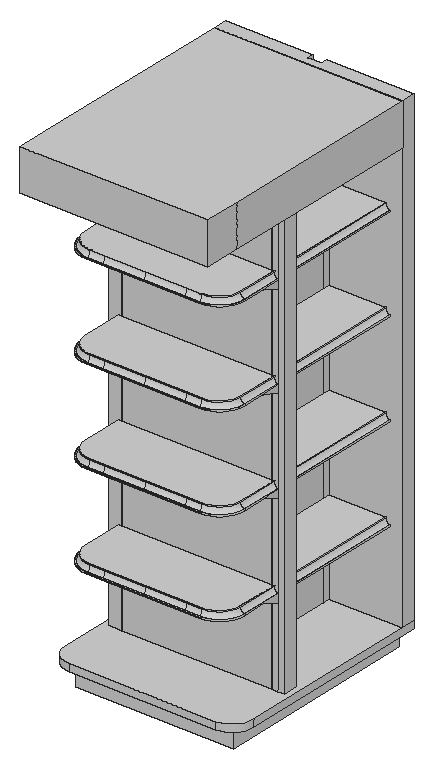
Revit family "ML20", category Specialty Equipment, Revit 2012
Parameters (values of type "Tubular 3-Way Display (Default)")
  Width = 3' - 0"
  URL = "http://www.madixinc.com/display/maxiline.html"
  Side Width = 2' - 0"
  Model = "3 Way Display"
  Manufacturer = "© 2012 Madix, Inc. All rights reserved."
  Canopy [instance] = yes
  "Front" Shelf 2' [instance] = yes
  "Front" Shelf 3' - 6" [instance] = yes
  "Front" Shelf 5' [instance] = yes
  "Front" Shelf 6' - 6" [instance] = yes
  "Front" Shelf Depth = 1' - 0"
  Height = 8' - 0"
Reference planes (in)
  plane 1 "Center (Front/Back)": y = 0
  plane 2: z = 0
  plane 3 "Center (Left/Right)": x = 0
  plane 4: y = 1.375
  plane 5: y = -1.375
  plane 6: z = 96
  plane 7: z = 0
  plane 8 "1st shelf": z = 23.5
  plane 9 "2nd shelf": z = 41.5
  plane 10 "3rd shelf": z = 59.5
  plane 11 "4th shelf": z = 77.5
  plane 12: y = -14.25
  plane 13: x = -15.5
  plane 14: x = 15.5
  plane 15: z = 41.5
  plane 16: y = 13.375
  plane 17: x = 12.75
  plane 18: x = -12.75
  plane 19: y = -11.375
  plane 20: y = -14.125
  plane 21: y = -13.375
  plane 22: z = 5.5
  plane 23: x = 3.875
  plane 24: x = -3.875
  plane 25: y = 25.375
  plane 26: y = 2.625
  plane 27: z = 4.125
  plane 28: y = 28.125
  plane 29: x = -18
  plane 30: x = 18
  plane 31: z = 88
  plane 32: z = 95
  plane 33: x = -15.125
  plane 34: x = 15.125
Forms (in)
  Extrusion 1, solid, material "Metal - Steel"
    sketch origin (-24, 1.375, 77.5) x (1, 0, 0) y (0, 1, 0)
      loop
        line (8.375, 0) -> (7.125, 0) -> (7.125, -2.75) -> (9.625, -2.75) -> (9.625, 0) -> (8.375, 0)
      loop
        line (9.65625, 0) -> (9.65625, -2.75) -> (38.34375, -2.75) -> (38.34375, 0) -> (25.375, 0) -> (24, 0) -> (22.625, 0) -> (9.65625, 0)
      loop
        line (39.625, -2.75) -> (40.875, -2.75) -> (40.875, 0) -> (38.375, 0) -> (38.375, -2.75) -> (39.625, -2.75)
    from -72 to 17.5
  Extrusion 2, solid, material "Metal - Steel", visible <- ""Front" Shelf 2'"
    sketch origin (-24, 1.375, 95.5) x (1, 0, 0) y (0, 1, 0)
      loop
        line (11.25, -2.75) -> (11.25, -10.75)
        arc (11.25, -10.75) -> (11.83579, -12.16421) -> (13.25, -12.75) r 2
        line (13.25, -12.75) -> (16.125, -12.75) -> (24, -12.75) -> (31.875, -12.75) -> (34.75, -12.75)
        arc (34.75, -12.75) -> (36.16421, -12.16421) -> (36.75, -10.75) r 2
        line (36.75, -10.75) -> (36.75, -2.75) -> (11.25, -2.75)
    from -73.375 to -72
  Sweep 3, solid, material "Metal - Steel", visible <- ""Front" Shelf 2'"
    path in 3D
      loop
        line (-12.75, -1.375, 23.5) -> (-12.75, -9.375, 23.5)
        arc (-12.75, -9.375, 23.5) -> (-12.16421, -10.78921, 23.5) -> (-10.75, -11.375, 23.5) r 2
        line (-10.75, -11.375, 23.5) -> (-7.875, -11.375, 23.5) -> (0, -11.375, 23.5) -> (7.875, -11.375, 23.5) -> (10.75, -11.375, 23.5)
        arc (10.75, -11.375, 23.5) -> (12.16421, -10.78921, 23.5) -> (12.75, -9.375, 23.5) r 2
        line (12.75, -9.375, 23.5) -> (12.75, -1.375, 23.5)
    profile origin (-12.75, -5.375, 23.5) x (1, 0, 0) y (0, 0, 1)
      loop
        line (0, 0) -> (-2, 0) -> (-2.125, 0) -> (-2.125, -0.125) -> (-2, -0.125)
        arc (-2, -0.125) -> (-2.26196, -0.76286) -> (-2.75, -1.25) r 1.75
        line (-2.75, -1.25) -> (-2.75, -1.125) -> (-2.875, -1.125) -> (-2.875, -1.375) -> (0, -1.375) -> (0, 0)
  Extrusion 4, solid, material "Metal - Steel", visible <- ""Front" Shelf 2'"
    sketch origin (0, 0, 0) x (0, 1, 0) y (0, 0, 1)
      loop
        line (-1.375, 20.75) -> (-1.375, 22.125) -> (-4.96324, 22.125) -> (-1.375, 20.75)
    from -15.5 to -15.625
  Extrusion 5, solid, material "Metal - Steel", visible <- ""Front" Shelf 2'"
    sketch origin (0, 0, 0) x (0, 1, 0) y (0, 0, -1)
      loop
        line (-1.375, -20.75) -> (-4.96324, -22.125) -> (-1.375, -22.125) -> (-1.375, -20.75)
    from -15.5 to -15.625
  Extrusion 6, solid, material "Metal - Steel", visible <- ""Front" Shelf 3' - 6""
    sketch origin (-24, 1.375, 113.5) x (1, 0, 0) y (0, 1, 0)
      loop
        line (11.25, -2.75) -> (11.25, -10.75)
        arc (11.25, -10.75) -> (11.83579, -12.16421) -> (13.25, -12.75) r 2
        line (13.25, -12.75) -> (16.125, -12.75) -> (24, -12.75) -> (31.875, -12.75) -> (34.75, -12.75)
        arc (34.75, -12.75) -> (36.16421, -12.16421) -> (36.75, -10.75) r 2
        line (36.75, -10.75) -> (36.75, -2.75) -> (11.25, -2.75)
    from -73.375 to -72
  Sweep 7, solid, material "Metal - Steel", visible <- ""Front" Shelf 3' - 6""
    path in 3D
      loop
        line (-12.75, -1.375, 41.5) -> (-12.75, -9.375, 41.5)
        arc (-12.75, -9.375, 41.5) -> (-12.16421, -10.78921, 41.5) -> (-10.75, -11.375, 41.5) r 2
        line (-10.75, -11.375, 41.5) -> (-7.875, -11.375, 41.5) -> (0, -11.375, 41.5) -> (7.875, -11.375, 41.5) -> (10.75, -11.375, 41.5)
        arc (10.75, -11.375, 41.5) -> (12.16421, -10.78921, 41.5) -> (12.75, -9.375, 41.5) r 2
        line (12.75, -9.375, 41.5) -> (12.75, -1.375, 41.5)
    profile origin (-12.75, -5.375, 41.5) x (1, 0, 0) y (0, 0, 1)
      loop
        line (0, 0) -> (-2, 0) -> (-2.125, 0) -> (-2.125, -0.125) -> (-2, -0.125)
        arc (-2, -0.125) -> (-2.26196, -0.76286) -> (-2.75, -1.25) r 1.75
        line (-2.75, -1.25) -> (-2.75, -1.125) -> (-2.875, -1.125) -> (-2.875, -1.375) -> (0, -1.375) -> (0, 0)
  Extrusion 8, solid, material "Metal - Steel", visible <- ""Front" Shelf 3' - 6""
    sketch origin (0, 0, 18) x (0, 1, 0) y (0, 0, 1)
      loop
        line (-1.375, 20.75) -> (-1.375, 22.125) -> (-4.96324, 22.125) -> (-1.375, 20.75)
    from -15.5 to -15.625
  Extrusion 9, solid, material "Metal - Steel", visible <- ""Front" Shelf 3' - 6""
    sketch origin (0, 0, 18) x (0, 1, 0) y (0, 0, -1)
      loop
        line (-1.375, -20.75) -> (-4.96324, -22.125) -> (-1.375, -22.125) -> (-1.375, -20.75)
    from -15.5 to -15.625
  Extrusion 10, solid, material "Metal - Steel", visible <- ""Front" Shelf 5'"
    sketch origin (-24, 1.375, 131.5) x (1, 0, 0) y (0, 1, 0)
      loop
        line (11.25, -2.75) -> (11.25, -10.75)
        arc (11.25, -10.75) -> (11.83579, -12.16421) -> (13.25, -12.75) r 2
        line (13.25, -12.75) -> (16.125, -12.75) -> (24, -12.75) -> (31.875, -12.75) -> (34.75, -12.75)
        arc (34.75, -12.75) -> (36.16421, -12.16421) -> (36.75, -10.75) r 2
        line (36.75, -10.75) -> (36.75, -2.75) -> (11.25, -2.75)
    from -73.375 to -72
  Sweep 11, solid, material "Metal - Steel", visible <- ""Front" Shelf 5'"
    path in 3D
      loop
        line (-12.75, -1.375, 59.5) -> (-12.75, -9.375, 59.5)
        arc (-12.75, -9.375, 59.5) -> (-12.16421, -10.78921, 59.5) -> (-10.75, -11.375, 59.5) r 2
        line (-10.75, -11.375, 59.5) -> (-7.875, -11.375, 59.5) -> (0, -11.375, 59.5) -> (7.875, -11.375, 59.5) -> (10.75, -11.375, 59.5)
        arc (10.75, -11.375, 59.5) -> (12.16421, -10.78921, 59.5) -> (12.75, -9.375, 59.5) r 2
        line (12.75, -9.375, 59.5) -> (12.75, -1.375, 59.5)
    profile origin (-12.75, -5.375, 59.5) x (1, 0, 0) y (0, 0, 1)
      loop
        line (0, 0) -> (-2, 0) -> (-2.125, 0) -> (-2.125, -0.125) -> (-2, -0.125)
        arc (-2, -0.125) -> (-2.26196, -0.76286) -> (-2.75, -1.25) r 1.75
        line (-2.75, -1.25) -> (-2.75, -1.125) -> (-2.875, -1.125) -> (-2.875, -1.375) -> (0, -1.375) -> (0, 0)
  Extrusion 12, solid, material "Metal - Steel", visible <- ""Front" Shelf 5'"
    sketch origin (0, 0, 36) x (0, 1, 0) y (0, 0, 1)
      loop
        line (-1.375, 20.75) -> (-1.375, 22.125) -> (-4.96324, 22.125) -> (-1.375, 20.75)
    from -15.5 to -15.625
  Extrusion 13, solid, material "Metal - Steel", visible <- ""Front" Shelf 5'"
    sketch origin (0, 0, 36) x (0, 1, 0) y (0, 0, -1)
      loop
        line (-1.375, -20.75) -> (-4.96324, -22.125) -> (-1.375, -22.125) -> (-1.375, -20.75)
    from -15.5 to -15.625
  Extrusion 14, solid, material "Metal - Steel", visible <- ""Front" Shelf 6' - 6""
    sketch origin (-24, 1.375, 149.5) x (1, 0, 0) y (0, 1, 0)
      loop
        line (11.25, -2.75) -> (11.25, -10.75)
        arc (11.25, -10.75) -> (11.83579, -12.16421) -> (13.25, -12.75) r 2
        line (13.25, -12.75) -> (16.125, -12.75) -> (24, -12.75) -> (31.875, -12.75) -> (34.75, -12.75)
        arc (34.75, -12.75) -> (36.16421, -12.16421) -> (36.75, -10.75) r 2
        line (36.75, -10.75) -> (36.75, -2.75) -> (11.25, -2.75)
    from -73.375 to -72
  Sweep 15, solid, material "Metal - Steel", visible <- ""Front" Shelf 6' - 6""
    path in 3D
      loop
        line (-12.75, -1.375, 77.5) -> (-12.75, -9.375, 77.5)
        arc (-12.75, -9.375, 77.5) -> (-12.16421, -10.78921, 77.5) -> (-10.75, -11.375, 77.5) r 2
        line (-10.75, -11.375, 77.5) -> (-7.875, -11.375, 77.5) -> (0, -11.375, 77.5) -> (7.875, -11.375, 77.5) -> (10.75, -11.375, 77.5)
        arc (10.75, -11.375, 77.5) -> (12.16421, -10.78921, 77.5) -> (12.75, -9.375, 77.5) r 2
        line (12.75, -9.375, 77.5) -> (12.75, -1.375, 77.5)
    profile origin (-12.75, -5.375, 77.5) x (1, 0, 0) y (0, 0, 1)
      loop
        line (0, 0) -> (-2, 0) -> (-2.125, 0) -> (-2.125, -0.125) -> (-2, -0.125)
        arc (-2, -0.125) -> (-2.26196, -0.76286) -> (-2.75, -1.25) r 1.75
        line (-2.75, -1.25) -> (-2.75, -1.125) -> (-2.875, -1.125) -> (-2.875, -1.375) -> (0, -1.375) -> (0, 0)
  Extrusion 16, solid, material "Metal - Steel", visible <- ""Front" Shelf 6' - 6""
    sketch origin (0, 0, 54) x (0, 1, 0) y (0, 0, 1)
      loop
        line (-1.375, 20.75) -> (-1.375, 22.125) -> (-4.96324, 22.125) -> (-1.375, 20.75)
    from -15.5 to -15.625
  Extrusion 17, solid, material "Metal - Steel", visible <- ""Front" Shelf 6' - 6""
    sketch origin (0, 0, 54) x (0, 1, 0) y (0, 0, -1)
      loop
        line (-1.375, -20.75) -> (-4.96324, -22.125) -> (-1.375, -22.125) -> (-1.375, -20.75)
    from -15.5 to -15.625
  Extrusion 18, solid, material "Metal - Steel"
    sketch origin (-24, 28.125, 77.5) x (1, 0, 0) y (0, 1, 0)
      loop
        line (22.625, 0) -> (6, 0) -> (6, -2.75) -> (42, -2.75) -> (42, 0) -> (25.375, 0) -> (25.375, -1.25) -> (22.625, -1.25) -> (22.625, 0)
    from -72 to 18.5
  Extrusion 19, solid, material "Metal - Steel", visible <- ""Front" Shelf 3' - 6""
    sketch origin (-8, 14.25, 48) x (1, 0, 0) y (0, 0, 1)
      loop
        line (4.125, -6.5) -> (-6.875, -6.5) -> (-6.875, -6.625) -> (-6.75, -6.625)
        arc (-6.75, -6.625) -> (-7.01196, -7.26286) -> (-7.5, -7.75) r 1.75
        line (-7.5, -7.75) -> (-7.5, -7.625) -> (-7.625, -7.625) -> (-7.625, -7.875) -> (4.125, -7.875) -> (4.125, -6.5)
    from -11.125 to 12.875
  Extrusion 20, solid, material "Metal - Steel", visible <- ""Front" Shelf 2'"
    sketch origin (-8, 14.25, 30) x (1, 0, 0) y (0, 0, 1)
      loop
        line (4.125, -6.5) -> (-6.875, -6.5) -> (-6.875, -6.625) -> (-6.75, -6.625)
        arc (-6.75, -6.625) -> (-7.01196, -7.26286) -> (-7.5, -7.75) r 1.75
        line (-7.5, -7.75) -> (-7.5, -7.625) -> (-7.625, -7.625) -> (-7.625, -7.875) -> (4.125, -7.875) -> (4.125, -6.5)
    from -11.125 to 12.875
  Extrusion 21, solid, material "Metal - Steel", visible <- ""Front" Shelf 5'"
    sketch origin (-8, 14.25, 66) x (1, 0, 0) y (0, 0, 1)
      loop
        line (4.125, -6.5) -> (-6.875, -6.5) -> (-6.875, -6.625) -> (-6.75, -6.625)
        arc (-6.75, -6.625) -> (-7.01196, -7.26286) -> (-7.5, -7.75) r 1.75
        line (-7.5, -7.75) -> (-7.5, -7.625) -> (-7.625, -7.625) -> (-7.625, -7.875) -> (4.125, -7.875) -> (4.125, -6.5)
    from -11.125 to 12.875
  Extrusion 22, solid, material "Metal - Steel", visible <- ""Front" Shelf 6' - 6""
    sketch origin (-8, 14.25, 84) x (1, 0, 0) y (0, 0, 1)
      loop
        line (4.125, -6.5) -> (-6.875, -6.5) -> (-6.875, -6.625) -> (-6.75, -6.625)
        arc (-6.75, -6.625) -> (-7.01196, -7.26286) -> (-7.5, -7.75) r 1.75
        line (-7.5, -7.75) -> (-7.5, -7.625) -> (-7.625, -7.625) -> (-7.625, -7.875) -> (4.125, -7.875) -> (4.125, -6.5)
    from -11.125 to 12.875
  Extrusion 23, solid, material "Metal - Steel", visible <- ""Front" Shelf 3' - 6""
    sketch origin (8, 14.25, 48) x (-1, 0, 0) y (0, 0, -1)
      loop
        line (4.125, 6.5) -> (4.125, 7.875) -> (-7.625, 7.875) -> (-7.625, 7.625) -> (-7.5, 7.625) -> (-7.5, 7.75)
        arc (-7.5, 7.75) -> (-7.01196, 7.26286) -> (-6.75, 6.625) r 1.75
        line (-6.75, 6.625) -> (-6.875, 6.625) -> (-6.875, 6.5) -> (4.125, 6.5)
    from -11.125 to 12.875
  Extrusion 24, solid, material "Metal - Steel", visible <- ""Front" Shelf 2'"
    sketch origin (8, 14.25, 30) x (-1, 0, 0) y (0, 0, -1)
      loop
        line (4.125, 6.5) -> (4.125, 7.875) -> (-7.625, 7.875) -> (-7.625, 7.625) -> (-7.5, 7.625) -> (-7.5, 7.75)
        arc (-7.5, 7.75) -> (-7.01196, 7.26286) -> (-6.75, 6.625) r 1.75
        line (-6.75, 6.625) -> (-6.875, 6.625) -> (-6.875, 6.5) -> (4.125, 6.5)
    from -11.125 to 12.875
  Extrusion 25, solid, material "Metal - Steel", visible <- ""Front" Shelf 5'"
    sketch origin (8, 14.25, 66) x (-1, 0, 0) y (0, 0, -1)
      loop
        line (4.125, 6.5) -> (4.125, 7.875) -> (-7.625, 7.875) -> (-7.625, 7.625) -> (-7.5, 7.625) -> (-7.5, 7.75)
        arc (-7.5, 7.75) -> (-7.01196, 7.26286) -> (-6.75, 6.625) r 1.75
        line (-6.75, 6.625) -> (-6.875, 6.625) -> (-6.875, 6.5) -> (4.125, 6.5)
    from -11.125 to 12.875
  Extrusion 26, solid, material "Metal - Steel", visible <- ""Front" Shelf 6' - 6""
    sketch origin (8, 14.25, 84) x (-1, 0, 0) y (0, 0, -1)
      loop
        line (4.125, 6.5) -> (4.125, 7.875) -> (-7.625, 7.875) -> (-7.625, 7.625) -> (-7.5, 7.625) -> (-7.5, 7.75)
        arc (-7.5, 7.75) -> (-7.01196, 7.26286) -> (-6.75, 6.625) r 1.75
        line (-6.75, 6.625) -> (-6.875, 6.625) -> (-6.875, 6.5) -> (4.125, 6.5)
    from -11.125 to 12.875
  Extrusion 27, solid, material "Metal - Steel"
    sketch origin (-24, 1.375, 77.5) x (1, 0, 0) y (0, 1, 0)
      loop
        line (27.875, 24) -> (25.125, 24) -> (25.125, 22.75) -> (27.875, 22.75) -> (27.875, 24)
      loop
        line (27.875, 22.71875) -> (25.125, 22.71875) -> (25.125, 1.28125) -> (27.875, 1.28125) -> (27.875, 22.71875)
      loop
        line (27.875, 0) -> (27.875, 1.25) -> (25.125, 1.25) -> (25.125, 0) -> (27.875, 0)
    from -72 to 17.5
  Extrusion 28, solid, material "Metal - Steel"
    sketch origin (24, 1.375, 77.5) x (-1, 0, 0) y (0, -1, 0)
      loop
        line (27.875, -24) -> (27.875, -22.75) -> (25.125, -22.75) -> (25.125, -24) -> (27.875, -24)
      loop
        line (27.875, -22.71875) -> (27.875, -1.28125) -> (25.125, -1.28125) -> (25.125, -22.71875) -> (27.875, -22.71875)
      loop
        line (27.875, 0) -> (25.125, 0) -> (25.125, -1.25) -> (27.875, -1.25) -> (27.875, 0)
    from -72 to 17.5
  Extrusion 29, solid, material "Metal - Steel"
    sketch origin (-24, 1.375, 77.5) x (1, 0, 0) y (0, 1, 0)
      loop
        line (10, -15.625) -> (38, -15.625)
        arc (38, -15.625) -> (40.82843, -14.45343) -> (42, -11.625) r 4
        line (42, -11.625) -> (42, 26.75) -> (25.375, 26.75) -> (25.375, 25.5) -> (22.625, 25.5) -> (22.625, 26.75) -> (6, 26.75) -> (6, -11.625)
        arc (6, -11.625) -> (7.17157, -14.45343) -> (10, -15.625) r 4
    from -73.375 to -72
  Extrusion 30, solid, material "Metal - Steel"
    sketch origin (-24, 1.375, 77.5) x (1, 0, 0) y (0, 1, 0)
      loop
        line (39.125, -12.75) -> (39.125, 26.75) -> (25.375, 26.75) -> (25.375, 25.5) -> (22.625, 25.5) -> (22.625, 26.75) -> (8.875, 26.75) -> (8.875, -12.75) -> (39.125, -12.75)
    from -77.5 to -73.375
  Extrusion 31, solid, material "Metal - Steel", visible <- "Canopy"
    sketch origin (-24, 1.375, 77.5) x (1, 0, 0) y (0, 1, 0)
      loop
        line (6, 24) -> (6, -15.625) -> (6, -22.625) -> (42, -22.625) -> (42, -15.625) -> (42, 24) -> (40.875, 24) -> (40.875, -14.5) -> (40.875, -21.5) -> (7.125, -21.5) -> (7.125, -14.5) -> (7.125, 24) -> (6, 24)
    from 10.5 to 18.5
  Extrusion 32, solid, material "Metal - Steel", visible <- "Canopy"
    sketch origin (-24, 1.375, 77.5) x (1, 0, 0) y (0, 1, 0)
      loop
        line (7.125, 24) -> (7.125, -21.5) -> (40.875, -21.5) -> (40.875, 24) -> (7.125, 24)
    from 17.5 to 18.5
Cuts and joins
  joined: Extrusion 2, Sweep 3, Extrusion 4, Extrusion 5
  joined: Extrusion 6, Sweep 7
  joined: Extrusion 10, Sweep 11
  joined: Extrusion 14, Sweep 15
  joined: Extrusion 29, Extrusion 30
  joined: Extrusion 31, Extrusion 32
Lines and regions (in)
  sketch lines
    curve 1: line (-12.75, -1.375, 23.5) -> (-12.75, -9.375, 23.5)
    curve 2: arc (-10.75, -11.375, 23.5) -> (-12.16421, -10.78921, 23.5) -> (-12.75, -9.375, 23.5) r 2
    curve 3: line (-7.875, -11.375, 23.5) -> (0, -11.375, 23.5)
    curve 4: line (-10.75, -11.375, 23.5) -> (-7.875, -11.375, 23.5)
    curve 5: line (0, -11.375, 23.5) -> (7.875, -11.375, 23.5)
    curve 6: line (7.875, -11.375, 23.5) -> (10.75, -11.375, 23.5)
    curve 7: arc (12.75, -9.375, 23.5) -> (12.16421, -10.78921, 23.5) -> (10.75, -11.375, 23.5) r 2
    curve 8: line (12.75, -9.375, 23.5) -> (12.75, -1.375, 23.5)
    curve 9: line (-12.75, -1.375, 41.5) -> (-12.75, -9.375, 41.5)
    curve 10: arc (-10.75, -11.375, 41.5) -> (-12.16421, -10.78921, 41.5) -> (-12.75, -9.375, 41.5) r 2
    curve 11: line (-7.875, -11.375, 41.5) -> (0, -11.375, 41.5)
    curve 12: line (-10.75, -11.375, 41.5) -> (-7.875, -11.375, 41.5)
    curve 13: line (0, -11.375, 41.5) -> (7.875, -11.375, 41.5)
    curve 14: line (7.875, -11.375, 41.5) -> (10.75, -11.375, 41.5)
    curve 15: arc (12.75, -9.375, 41.5) -> (12.16421, -10.78921, 41.5) -> (10.75, -11.375, 41.5) r 2
    curve 16: line (12.75, -9.375, 41.5) -> (12.75, -1.375, 41.5)
    curve 17: line (-12.75, -1.375, 59.5) -> (-12.75, -9.375, 59.5)
    curve 18: arc (-10.75, -11.375, 59.5) -> (-12.16421, -10.78921, 59.5) -> (-12.75, -9.375, 59.5) r 2
    curve 19: line (-7.875, -11.375, 59.5) -> (0, -11.375, 59.5)
    curve 20: line (-10.75, -11.375, 59.5) -> (-7.875, -11.375, 59.5)
    curve 21: line (0, -11.375, 59.5) -> (7.875, -11.375, 59.5)
    curve 22: line (7.875, -11.375, 59.5) -> (10.75, -11.375, 59.5)
    curve 23: arc (12.75, -9.375, 59.5) -> (12.16421, -10.78921, 59.5) -> (10.75, -11.375, 59.5) r 2
    curve 24: line (12.75, -9.375, 59.5) -> (12.75, -1.375, 59.5)
    curve 25: line (-12.75, -1.375, 77.5) -> (-12.75, -9.375, 77.5)
    curve 26: arc (-10.75, -11.375, 77.5) -> (-12.16421, -10.78921, 77.5) -> (-12.75, -9.375, 77.5) r 2
    curve 27: line (-7.875, -11.375, 77.5) -> (0, -11.375, 77.5)
    curve 28: line (-10.75, -11.375, 77.5) -> (-7.875, -11.375, 77.5)
    curve 29: line (0, -11.375, 77.5) -> (7.875, -11.375, 77.5)
    curve 30: line (7.875, -11.375, 77.5) -> (10.75, -11.375, 77.5)
    curve 31: arc (12.75, -9.375, 77.5) -> (12.16421, -10.78921, 77.5) -> (10.75, -11.375, 77.5) r 2
    curve 32: line (12.75, -9.375, 77.5) -> (12.75, -1.375, 77.5)
Dimensions and locks (in)
  "Height": plane 6 to level
  ""Front" Shelf Depth": plane 21 to plane 5
  locked: plane 12 to plane 19 at 2.875
  locked: plane 20 to plane 12 at 0.125
  locked: plane 12 to plane 21 at 0.875
  equal spacing: plane 25, plane 16, plane 4
  "Side Width": plane 25 to plane 4
  cut or joined group of Extrusion 14, Sweep 15 to Extrusion 29 = 2' - 9 5/8"
  cut or joined group of Extrusion 14, Sweep 15 to Extrusion 30 = 2' - 6 3/4"
  locked: plane 28 to plane 25 at 2.75
  "Width": plane 29 to plane 30
  locked: plane 29 to plane 33 at 2.875
  locked: plane 34 to plane 30 at 2.875
  equal spacing: plane 33, plane 3 "Center (Left/Right)", plane 34
  locked: plane 6 to plane 31 at 8
  locked: plane 6 to plane 32 at 1
  aligned and locked: level to plane 2
  aligned and locked: plane 5 to Extrusion 1
  aligned and locked: plane 13 to Extrusion 4
  aligned and locked: plane 14 to Extrusion 5
  aligned and locked: plane 13 to Extrusion 16
  aligned and locked: plane 13 to Extrusion 12
  aligned and locked: plane 13 to Extrusion 8
  aligned and locked: plane 14 to Extrusion 17
  aligned and locked: plane 14 to Extrusion 13
  aligned and locked: plane 14 to Extrusion 9
  aligned and locked: plane 22 to Extrusion 1
  aligned and locked: Extrusion 20 to plane 4
  aligned and locked: Extrusion 22 to plane 4
  aligned and locked: Extrusion 21 to plane 4
  aligned and locked: Extrusion 19 to plane 4
  aligned and locked: plane 25 to Extrusion 22
  aligned and locked: plane 25 to Extrusion 21
  aligned and locked: plane 25 to Extrusion 19
  aligned and locked: plane 25 to Extrusion 20
  aligned and locked: plane 25 to Extrusion 26
  aligned and locked: plane 25 to Extrusion 25
  aligned and locked: plane 25 to Extrusion 23
  aligned and locked: plane 25 to Extrusion 24
  aligned and locked: plane 29 to cut or joined group of Extrusion 29, Extrusion 30
  aligned and locked: plane 30 to cut or joined group of Extrusion 29, Extrusion 30
  aligned and locked: Extrusion 31 to Extrusion 18  (x2)
  aligned and locked: Extrusion 18 to plane 25
  aligned and locked: Extrusion 1 to plane 32
  aligned and locked: Extrusion 1 to Extrusion 28
  aligned and locked: Extrusion 27 to Extrusion 1
  aligned and locked: Extrusion 32 to Extrusion 1
  aligned and locked: Extrusion 30 to plane 34
  aligned and locked: Extrusion 30 to plane 33
  aligned and locked: Extrusion 31 to plane 6
  aligned and locked: Extrusion 31 to Extrusion 1  (x2)
  aligned and locked: plane 31 to Extrusion 31
  aligned and locked: Extrusion 32 to plane 6
  aligned and locked: Extrusion 18 to plane 6
Automatic sketch dimensions
  Extrusion 1 sketch curve to plane 4 = 0' - 0"  (x3)
  plane 5 to Extrusion 1 sketch curve = 0' - 0"  (x3)
  Extrusion 1 sketch curve to plane 3 "Center (Left/Right)" = 0' - 0"
  plane 13 to Extrusion 1 sketch curve = 0' - 1 1/8"
  Extrusion 1 sketch curve to Extrusion 1 sketch curve = 0' - 0 1/32"  (x2)
  Extrusion 1 sketch curve to plane 3 "Center (Left/Right)" = 0' - 1 3/8"
  Extrusion 1 sketch curve to Extrusion 1 sketch curve = 0' - 1 3/8"
  plane 14 to Extrusion 1 sketch curve = 0' - 1 5/32"
  Extrusion 1 sketch curve to Extrusion 1 sketch curve = 0' - 1 1/4"
  plane 5 to Extrusion 2 sketch curve = 0' - 0"
  Extrusion 2 sketch curve to plane 18 = 0' - 0"
  plane 19 to Extrusion 2 sketch curve = 0' - 0"
  Extrusion 2 sketch curve to plane 3 "Center (Left/Right)" = 0' - 0"
  Extrusion 2 sketch curve to plane 17 = 0' - 0"
  plane 18 to Extrusion 2 sketch curve = 0' - 2"
  Extrusion 2 sketch curve to Extrusion 2 sketch curve = 0' - 2 7/8"
  Extrusion 2 sketch curve to plane 17 = 0' - 4 7/8"
  Extrusion 2 sketch curve to plane 17 = 0' - 2"
  Sweep 3 sketch curve to profile plane = 0' - 0"
  profile plane to Sweep 3 sketch curve = 0' - 0"
  Sweep 3 sketch curve to profile plane = 0' - 0 1/8"
  profile plane to Sweep 3 sketch curve = 0' - 2"
  Sweep 3 sketch curve to Sweep 3 sketch curve = 0' - 0"
  Sweep 3 sketch curve to Sweep 3 sketch curve = 0' - 0 1/8"  (x3)
  Sweep 3 sketch curve to Sweep 3 sketch curve = 0' - 0 5/8"
  profile plane to Sweep 3 sketch curve = 0' - 0.20787"
  Sweep 3 sketch curve to Sweep 3 sketch curve = 0' - 0.84305"
  Sweep 3 sketch curve to profile plane = 0' - 1 3/8"
  Extrusion 4 sketch curve to plane 5 = 0' - 0"
  Extrusion 4 sketch curve to plane 8 "1st shelf" = 0' - 1 3/8"
  plane 5 to Extrusion 4 sketch curve = 0' - 3.58824"
  Extrusion 4 sketch curve to Extrusion 4 sketch curve = 0' - 1 3/8"
  Extrusion 5 sketch curve to plane 5 = 0' - 0"
  Extrusion 5 sketch curve to plane 8 "1st shelf" = 0' - 1 3/8"
  plane 5 to Extrusion 5 sketch curve = 0' - 3.58824"
  Extrusion 5 sketch curve to Extrusion 5 sketch curve = 0' - 1 3/8"
  plane 5 to Extrusion 6 sketch curve = 0' - 0"
  Extrusion 6 sketch curve to plane 18 = 0' - 0"
  plane 19 to Extrusion 6 sketch curve = 0' - 0"
  Extrusion 6 sketch curve to plane 3 "Center (Left/Right)" = 0' - 0"
  Extrusion 6 sketch curve to plane 17 = 0' - 0"
  plane 18 to Extrusion 6 sketch curve = 0' - 2"
  Extrusion 6 sketch curve to Extrusion 6 sketch curve = 0' - 2 7/8"
  Extrusion 6 sketch curve to plane 17 = 0' - 4 7/8"
  Extrusion 6 sketch curve to plane 17 = 0' - 2"
  Sweep 7 sketch curve to profile plane = 0' - 0"
  profile plane to Sweep 7 sketch curve = 0' - 0"
  Sweep 7 sketch curve to profile plane = 0' - 0 1/8"
  profile plane to Sweep 7 sketch curve = 0' - 2"
  Sweep 7 sketch curve to Sweep 7 sketch curve = 0' - 0"
  Sweep 7 sketch curve to Sweep 7 sketch curve = 0' - 0 1/8"  (x3)
  Sweep 7 sketch curve to Sweep 7 sketch curve = 0' - 0 5/8"
  profile plane to Sweep 7 sketch curve = 0' - 0.20787"
  Sweep 7 sketch curve to Sweep 7 sketch curve = 0' - 0.84305"
  Sweep 7 sketch curve to Sweep 7 sketch curve = 0' - 1 3/8"
  Extrusion 8 sketch curve to plane 5 = 0' - 0"
  Extrusion 8 sketch curve to plane 9 "2nd shelf" = 0' - 1 3/8"
  plane 5 to Extrusion 8 sketch curve = 0' - 3.58824"
  Extrusion 8 sketch curve to Extrusion 8 sketch curve = 0' - 1 3/8"
  Extrusion 9 sketch curve to plane 5 = 0' - 0"
  Extrusion 9 sketch curve to plane 9 "2nd shelf" = 0' - 1 3/8"
  plane 5 to Extrusion 9 sketch curve = 0' - 3.58824"
  Extrusion 9 sketch curve to Extrusion 9 sketch curve = 0' - 1 3/8"
  plane 5 to Extrusion 10 sketch curve = 0' - 0"
  Extrusion 10 sketch curve to plane 18 = 0' - 0"
  plane 19 to Extrusion 10 sketch curve = 0' - 0"
  Extrusion 10 sketch curve to plane 3 "Center (Left/Right)" = 0' - 0"
  Extrusion 10 sketch curve to plane 17 = 0' - 0"
  plane 18 to Extrusion 10 sketch curve = 0' - 2"
  Extrusion 10 sketch curve to Extrusion 10 sketch curve = 0' - 2 7/8"
  Extrusion 10 sketch curve to plane 17 = 0' - 4 7/8"
  Extrusion 10 sketch curve to plane 17 = 0' - 2"
  Sweep 11 sketch curve to profile plane = 0' - 0"
  profile plane to Sweep 11 sketch curve = 0' - 0"
  Sweep 11 sketch curve to profile plane = 0' - 0 1/8"
  profile plane to Sweep 11 sketch curve = 0' - 2"
  Sweep 11 sketch curve to Sweep 11 sketch curve = 0' - 0"
  Sweep 11 sketch curve to Sweep 11 sketch curve = 0' - 0 1/8"  (x3)
  Sweep 11 sketch curve to Sweep 11 sketch curve = 0' - 0 5/8"
  profile plane to Sweep 11 sketch curve = 0' - 0.20787"
  Sweep 11 sketch curve to Sweep 11 sketch curve = 0' - 0.84305"
  Sweep 11 sketch curve to Sweep 11 sketch curve = 0' - 1 3/8"
  Extrusion 12 sketch curve to plane 5 = 0' - 0"
  Extrusion 12 sketch curve to plane 10 "3rd shelf" = 0' - 1 3/8"
  plane 5 to Extrusion 12 sketch curve = 0' - 3.58824"
  Extrusion 12 sketch curve to Extrusion 12 sketch curve = 0' - 1 3/8"
  Extrusion 13 sketch curve to plane 5 = 0' - 0"
  Extrusion 13 sketch curve to plane 10 "3rd shelf" = 0' - 1 3/8"
  plane 5 to Extrusion 13 sketch curve = 0' - 3.58824"
  Extrusion 13 sketch curve to Extrusion 13 sketch curve = 0' - 1 3/8"
  plane 5 to Extrusion 14 sketch curve = 0' - 0"
  Extrusion 14 sketch curve to plane 18 = 0' - 0"
  plane 19 to Extrusion 14 sketch curve = 0' - 0"
  Extrusion 14 sketch curve to plane 3 "Center (Left/Right)" = 0' - 0"
  Extrusion 14 sketch curve to plane 17 = 0' - 0"
  plane 18 to Extrusion 14 sketch curve = 0' - 2"
  Extrusion 14 sketch curve to Extrusion 14 sketch curve = 0' - 2 7/8"
  Extrusion 14 sketch curve to plane 17 = 0' - 4 7/8"
  Extrusion 14 sketch curve to plane 17 = 0' - 2"
  Sweep 15 sketch curve to profile plane = 0' - 0"
  profile plane to Sweep 15 sketch curve = 0' - 0"
  Sweep 15 sketch curve to profile plane = 0' - 0 1/8"
  profile plane to Sweep 15 sketch curve = 0' - 2"
  Sweep 15 sketch curve to Sweep 15 sketch curve = 0' - 0"
  Sweep 15 sketch curve to Sweep 15 sketch curve = 0' - 0 1/8"  (x3)
  Sweep 15 sketch curve to Sweep 15 sketch curve = 0' - 0 5/8"
  profile plane to Sweep 15 sketch curve = 0' - 0.20787"
  Sweep 15 sketch curve to Sweep 15 sketch curve = 0' - 0.84305"
  Sweep 15 sketch curve to Sweep 15 sketch curve = 0' - 1 3/8"
  Extrusion 16 sketch curve to plane 5 = 0' - 0"
  Extrusion 16 sketch curve to plane 11 "4th shelf" = 0' - 1 3/8"
  plane 5 to Extrusion 16 sketch curve = 0' - 3.58824"
  Extrusion 16 sketch curve to Extrusion 16 sketch curve = 0' - 1 3/8"
  Extrusion 17 sketch curve to plane 5 = 0' - 0"
  Extrusion 17 sketch curve to plane 11 "4th shelf" = 0' - 1 3/8"
  plane 5 to Extrusion 17 sketch curve = 0' - 3.58824"
  Extrusion 17 sketch curve to Extrusion 17 sketch curve = 0' - 1 3/8"
  Extrusion 19 sketch curve to plane 13 = 0' - 0"
  Extrusion 19 sketch curve to plane 9 "2nd shelf" = 0' - 0"
  plane 24 to Extrusion 19 sketch curve = 0' - 0"
  plane 9 "2nd shelf" to Extrusion 19 sketch curve = 0' - 0.20787"
  plane 13 to Extrusion 19 sketch curve = 0' - 0 5/8"
  Extrusion 19 sketch curve to Extrusion 19 sketch curve = 0' - 0 1/8"  (x4)
  Extrusion 19 sketch curve to plane 9 "2nd shelf" = 0' - 0 1/8"
  Extrusion 20 sketch curve to plane 13 = 0' - 0"
  Extrusion 20 sketch curve to plane 8 "1st shelf" = 0' - 0"
  plane 24 to Extrusion 20 sketch curve = 0' - 0"
  plane 8 "1st shelf" to Extrusion 20 sketch curve = 0' - 0.20787"
  plane 13 to Extrusion 20 sketch curve = 0' - 0 5/8"
  Extrusion 20 sketch curve to Extrusion 20 sketch curve = 0' - 0 1/8"  (x5)
  Extrusion 21 sketch curve to plane 13 = 0' - 0"
  Extrusion 21 sketch curve to plane 10 "3rd shelf" = 0' - 0"
  plane 24 to Extrusion 21 sketch curve = 0' - 0"
  plane 10 "3rd shelf" to Extrusion 21 sketch curve = 0' - 0.20787"
  plane 13 to Extrusion 21 sketch curve = 0' - 0 5/8"
  Extrusion 21 sketch curve to Extrusion 21 sketch curve = 0' - 0 1/8"  (x5)
  Extrusion 22 sketch curve to plane 13 = 0' - 0"
  Extrusion 22 sketch curve to plane 11 "4th shelf" = 0' - 0"
  plane 24 to Extrusion 22 sketch curve = 0' - 0"
  plane 11 "4th shelf" to Extrusion 22 sketch curve = 0' - 0.20787"
  plane 13 to Extrusion 22 sketch curve = 0' - 0 5/8"
  Extrusion 22 sketch curve to Extrusion 22 sketch curve = 0' - 0 1/8"  (x5)
  plane 14 to Extrusion 23 sketch curve = 0' - 0"
  Extrusion 23 sketch curve to plane 9 "2nd shelf" = 0' - 0"
  Extrusion 23 sketch curve to plane 23 = 0' - 0"
  plane 9 "2nd shelf" to Extrusion 23 sketch curve = 0' - 0.20787"
  plane 14 to Extrusion 23 sketch curve = 0' - 0 5/8"
  Extrusion 23 sketch curve to Extrusion 23 sketch curve = 0' - 0 1/8"  (x2)
  Extrusion 23 sketch curve to plane 9 "2nd shelf" = 0' - 0 1/8"
  Extrusion 23 sketch curve to plane 9 "2nd shelf" = 0' - 1 3/8"
  plane 14 to Extrusion 24 sketch curve = 0' - 0"
  Extrusion 24 sketch curve to plane 8 "1st shelf" = 0' - 0"
  Extrusion 24 sketch curve to plane 23 = 0' - 0"
  plane 8 "1st shelf" to Extrusion 24 sketch curve = 0' - 0.20787"
  plane 14 to Extrusion 24 sketch curve = 0' - 0 5/8"
  Extrusion 24 sketch curve to Extrusion 24 sketch curve = 0' - 0 1/8"  (x2)
  Extrusion 24 sketch curve to plane 8 "1st shelf" = 0' - 0 1/8"
  Extrusion 24 sketch curve to plane 8 "1st shelf" = 0' - 1 3/8"
  plane 14 to Extrusion 25 sketch curve = 0' - 0"
  Extrusion 25 sketch curve to plane 10 "3rd shelf" = 0' - 0"
  Extrusion 25 sketch curve to plane 23 = 0' - 0"
  plane 10 "3rd shelf" to Extrusion 25 sketch curve = 0' - 0.20787"
  plane 14 to Extrusion 25 sketch curve = 0' - 0 5/8"
  Extrusion 25 sketch curve to Extrusion 25 sketch curve = 0' - 0 1/8"  (x2)
  Extrusion 25 sketch curve to plane 10 "3rd shelf" = 0' - 0 1/8"
  Extrusion 25 sketch curve to plane 10 "3rd shelf" = 0' - 1 3/8"
  plane 14 to Extrusion 26 sketch curve = 0' - 0"
  Extrusion 26 sketch curve to plane 11 "4th shelf" = 0' - 0"
  Extrusion 26 sketch curve to plane 23 = 0' - 0"
  plane 11 "4th shelf" to Extrusion 26 sketch curve = 0' - 0.20787"
  plane 14 to Extrusion 26 sketch curve = 0' - 0 5/8"
  Extrusion 26 sketch curve to Extrusion 26 sketch curve = 0' - 0 1/8"  (x2)
  Extrusion 26 sketch curve to plane 11 "4th shelf" = 0' - 0 1/8"
  Extrusion 26 sketch curve to plane 11 "4th shelf" = 0' - 1 3/8"
  Extrusion 27 sketch curve to plane 25 = 0' - 0"
  plane 26 to Extrusion 27 sketch curve = 0' - 0"
  Extrusion 27 sketch curve to plane 4 = 0' - 0"
  Extrusion 27 sketch curve to plane 23 = 0' - 0"  (x3)
  plane 3 "Center (Left/Right)" to Extrusion 27 sketch curve = 0' - 1 1/8"
  Extrusion 27 sketch curve to Extrusion 27 sketch curve = 0' - 0"  (x2)
  Extrusion 27 sketch curve to plane 26 = 0' - 0 1/32"
  Extrusion 27 sketch curve to Extrusion 27 sketch curve = 0' - 1 9/32"
  Extrusion 27 sketch curve to Extrusion 27 sketch curve = 0' - 0 1/32"
  Extrusion 28 sketch curve to plane 25 = 0' - 0"
  plane 26 to Extrusion 28 sketch curve = 0' - 0"
  Extrusion 28 sketch curve to plane 4 = 0' - 0"
  Extrusion 28 sketch curve to plane 24 = 0' - 0"  (x3)
  Extrusion 28 sketch curve to plane 3 "Center (Left/Right)" = 0' - 1 1/8"
  Extrusion 28 sketch curve to Extrusion 28 sketch curve = 0' - 0"  (x2)
  Extrusion 28 sketch curve to Extrusion 28 sketch curve = 0' - 1 1/4"
  Extrusion 28 sketch curve to Extrusion 28 sketch curve = 0' - 0 1/32"  (x2)
  Extrusion 31 sketch curve to plane 29 = 0' - 0"
  Extrusion 31 sketch curve to plane 30 = 0' - 0"
  Extrusion 31 sketch curve to plane 12 = 0' - 0"  (x2)
  Extrusion 31 sketch curve to Extrusion 31 sketch curve = 0' - 1 1/8"  (x2)
  plane 30 to Extrusion 31 sketch curve = 0' - 1 1/8"
  Extrusion 31 sketch curve to plane 21 = 0' - 0 1/4"  (x2)
  Extrusion 31 sketch curve to plane 28 = 0' - 2 3/4"  (x2)
  Extrusion 31 sketch curve to plane 12 = 0' - 5 7/8"
  Extrusion 18 sketch curve to plane 25 = 0' - 0"
  Extrusion 18 sketch curve to plane 29 = 0' - 0"
  Extrusion 18 sketch curve to plane 28 = 0' - 0"  (x2)
  Extrusion 18 sketch curve to plane 30 = 0' - 0"
  Extrusion 18 sketch curve to plane 3 "Center (Left/Right)" = 0' - 1 3/8"
  plane 3 "Center (Left/Right)" to Extrusion 18 sketch curve = 0' - 1 3/8"
  Extrusion 18 sketch curve to Extrusion 18 sketch curve = 0' - 1 1/4"
  Extrusion 32 sketch curve to plane 25 = 0' - 0"
  Extrusion 32 sketch curve to plane 29 = 0' - 1 1/8"
  plane 30 to Extrusion 32 sketch curve = 0' - 1 1/8"
  Extrusion 32 sketch curve to plane 12 = 0' - 5 7/8"
  Extrusion 30 sketch curve to plane 28 = 0' - 0"  (x2)
  plane 19 to Extrusion 30 sketch curve = 0' - 0"
  Extrusion 30 sketch curve to plane 3 "Center (Left/Right)" = 0' - 1 3/8"
  plane 3 "Center (Left/Right)" to Extrusion 30 sketch curve = 0' - 1 3/8"
  Extrusion 30 sketch curve to Extrusion 30 sketch curve = 0' - 1 1/4"
  Extrusion 1 sketch curve to plane 14 = 0' - 0 1/8"
  Extrusion 23 sketch curve to plane 14 = 0' - 0 1/8"
  Extrusion 23 sketch curve to plane 14 = 0' - 0.96805"
  Extrusion 24 sketch curve to plane 14 = 0' - 0 1/8"
  Extrusion 24 sketch curve to plane 14 = 0' - 0.96805"
  Extrusion 25 sketch curve to plane 14 = 0' - 0 1/8"
  Extrusion 25 sketch curve to plane 14 = 0' - 0.96805"
  Extrusion 26 sketch curve to plane 14 = 0' - 0 1/8"
  Extrusion 26 sketch curve to plane 14 = 0' - 0.96805"
  plane 14 to Extrusion 30 sketch curve = 0' - 0 3/8"
  Extrusion 1 sketch curve to plane 13 = 0' - 0 1/8"
  Extrusion 1 sketch curve to plane 29 = 0' - 1 1/8"
  Extrusion 19 sketch curve to plane 13 = 0' - 0.96805"
  Extrusion 20 sketch curve to plane 13 = 0' - 0.96805"
  Extrusion 21 sketch curve to plane 13 = 0' - 0.96805"
  Extrusion 22 sketch curve to plane 13 = 0' - 0.96805"
  plane 13 to Extrusion 30 sketch curve = 0' - 0 3/8"
  Extrusion 29 sketch curve to plane 28 = 0' - 0"  (x2)
  Extrusion 29 sketch curve to plane 29 = 0' - 0"
  Extrusion 29 sketch curve to plane 12 = 0' - 0"
  Extrusion 29 sketch curve to plane 30 = 0' - 0"
  plane 33 to Extrusion 29 sketch curve = 0' - 1 1/8"
  Extrusion 29 sketch curve to plane 3 "Center (Left/Right)" = 0' - 1 3/8"
  plane 3 "Center (Left/Right)" to Extrusion 29 sketch curve = 0' - 1 3/8"
  Extrusion 29 sketch curve to plane 19 = 0' - 1 1/8"
  Extrusion 29 sketch curve to Extrusion 29 sketch curve = 0' - 1 1/4"
